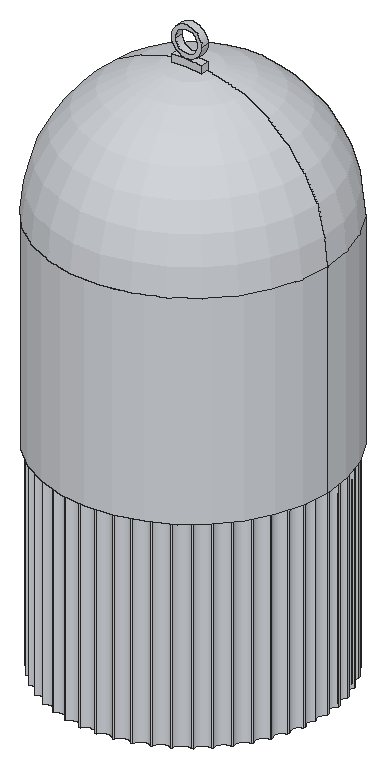
Revit family
Parameters
  Materiale = none
  Manufacturer = "Revit"
Reference planes (cm)
  plane 1 "Center (Front/Back)": y = 0
  plane 2: z = 0
  plane 3 "Center (Left/Right)": x = 0
Forms (cm)
  Revolve 1, solid, material <- "Materiale"
    sketch origin (0, 0, 0) x (1, 0, 0) y (0, 0, 1)
      loop
        line (-18, 54) -> (-18, 27) -> (0, 27) -> (0, 72)
        arc (0, 72) -> (-12.7279, 66.7279) -> (-18, 54) r 18
      axis (0, 27) -> (0, 72)
    angle from 0 to 360
  Revolve 2, solid, material <- "Materiale"
    sketch origin (0, 0, 0) x (1, 0, 0) y (0, 0, 1)
      loop
        line (-18, 27) -> (-18, 0) -> (0, 0) -> (0, 27) -> (-18, 27)
      axis (0, 0) -> (0, 27)
    angle from 0 to 360
  Extrusion 3, void
    sketch origin (0, 0, 0) x (1, 0, 0) y (0, 1, 0)
      loop
        arc (-0.9657, 17.4733) -> (-1.0691, 17.4673) -> (-1.1725, 17.4607) r 17.5
        arc (-1.1725, 17.4607) -> (-2.0608, 16.7746) -> (-3.0888, 17.2253) r 1.1
        arc (-3.0888, 17.2253) -> (-3.191, 17.2066) -> (-3.2932, 17.1873) r 17.5
        arc (-3.2932, 17.1873) -> (-4.091, 16.3989) -> (-5.1657, 16.7202) r 1.1
        arc (-5.1657, 16.7202) -> (-5.2652, 16.6891) -> (-5.3647, 16.6574) r 17.5
        arc (-5.3647, 16.6574) -> (-6.0603, 15.7784) -> (-7.1654, 15.9658) r 1.1
        arc (-7.1654, 15.9658) -> (-7.2606, 15.9227) -> (-7.3556, 15.8791) r 17.5
        arc (-7.3556, 15.8791) -> (-7.9388, 14.9216) -> (-9.0588, 14.9729) r 1.1
        arc (-9.0588, 14.9729) -> (-9.1481, 14.9185) -> (-9.2371, 14.8636) r 17.5
        arc (-9.2371, 14.8636) -> (-9.6994, 13.8429) -> (-10.8165, 13.7569) r 1.1
        arc (-10.8165, 13.7569) -> (-10.8988, 13.6918) -> (-10.9808, 13.6262) r 17.5
        arc (-10.9808, 13.6262) -> (-11.3153, 12.5576) -> (-12.4129, 12.3358) r 1.1
        arc (-12.4129, 12.3358) -> (-12.4869, 12.2608) -> (-12.5605, 12.1854) r 17.5
        arc (-12.5605, 12.1854) -> (-12.7626, 11.0848) -> (-13.824, 10.7306) r 1.1
        arc (-13.824, 10.7306) -> (-13.8886, 10.6469) -> (-13.9527, 10.5628) r 17.5
        arc (-13.9527, 10.5628) -> (-14.0195, 9.4465) -> (-15.0289, 8.9655) r 1.1
        arc (-15.0289, 8.9655) -> (-15.0831, 8.8742) -> (-15.1366, 8.7826) r 17.5
        arc (-15.1366, 8.7826) -> (-15.0673, 7.6672) -> (-16.0097, 7.0668) r 1.1
        arc (-16.0097, 7.0668) -> (-16.0524, 6.9692) -> (-16.0946, 6.8713) r 17.5
        arc (-16.0946, 6.8713) -> (-15.8904, 5.7734) -> (-16.7517, 5.0626) r 1.1
        arc (-16.7517, 5.0626) -> (-16.7823, 4.9602) -> (-16.8123, 4.8575) r 17.5
        arc (-16.8123, 4.8575) -> (-16.4764, 3.7933) -> (-17.2439, 2.9831) r 1.1
        arc (-17.2439, 2.9831) -> (-17.2618, 2.8773) -> (-17.2792, 2.7713) r 17.5
        arc (-17.2792, 2.7713) -> (-16.8127, 1.9354) -> (-17.1779, 1.0505) r 1.1
        arc (-17.1779, 1.0505) -> (-16.9241, 0.1285) -> (-17.4882, -0.6438) r 1.1
        arc (-17.4882, -0.6438) -> (-17.4839, -0.7515) -> (-17.4789, -0.8591) r 17.5
        arc (-17.4789, -0.8591) -> (-16.8168, -1.7565) -> (-17.2792, -2.7713) r 1.1
        arc (-17.2792, -2.7713) -> (-17.2618, -2.8773) -> (-17.2439, -2.9831) r 17.5
        arc (-17.2439, -2.9831) -> (-16.4764, -3.7933) -> (-16.8123, -4.8575) r 1.1
        arc (-16.8123, -4.8575) -> (-16.7823, -4.9602) -> (-16.7517, -5.0626) r 17.5
        arc (-16.7517, -5.0626) -> (-15.8904, -5.7734) -> (-16.0946, -6.8713) r 1.1
        arc (-16.0946, -6.8713) -> (-16.0524, -6.9692) -> (-16.0097, -7.0668) r 17.5
        arc (-16.0097, -7.0668) -> (-15.0673, -7.6672) -> (-15.1366, -8.7826) r 1.1
        arc (-15.1366, -8.7826) -> (-15.0831, -8.8742) -> (-15.0289, -8.9655) r 17.5
        arc (-15.0289, -8.9655) -> (-14.0195, -9.4465) -> (-13.9527, -10.5628) r 1.1
        arc (-13.9527, -10.5628) -> (-13.8886, -10.6469) -> (-13.824, -10.7306) r 17.5
        arc (-13.824, -10.7306) -> (-12.7626, -11.0848) -> (-12.5605, -12.1854) r 1.1
        arc (-12.5605, -12.1854) -> (-12.4869, -12.2608) -> (-12.4129, -12.3358) r 17.5
        arc (-12.4129, -12.3358) -> (-11.3153, -12.5576) -> (-10.9808, -13.6262) r 1.1
        arc (-10.9808, -13.6262) -> (-10.8988, -13.6918) -> (-10.8165, -13.7569) r 17.5
        arc (-10.8165, -13.7569) -> (-9.6994, -13.8429) -> (-9.2371, -14.8636) r 1.1
        arc (-9.2371, -14.8636) -> (-9.1481, -14.9185) -> (-9.0588, -14.9729) r 17.5
        arc (-9.0588, -14.9729) -> (-7.9388, -14.9216) -> (-7.3556, -15.8791) r 1.1
        arc (-7.3556, -15.8791) -> (-7.2606, -15.9227) -> (-7.1654, -15.9658) r 17.5
        arc (-7.1654, -15.9658) -> (-6.0603, -15.7784) -> (-5.3647, -16.6574) r 1.1
        arc (-5.3647, -16.6574) -> (-5.2652, -16.6891) -> (-5.1657, -16.7202) r 17.5
        arc (-5.1657, -16.7202) -> (-4.091, -16.3989) -> (-3.2932, -17.1873) r 1.1
        arc (-3.2932, -17.1873) -> (-3.191, -17.2066) -> (-3.0888, -17.2253) r 17.5
        arc (-3.0888, -17.2253) -> (-2.0608, -16.7746) -> (-1.1725, -17.4607) r 1.1
        arc (-1.1725, -17.4607) -> (-1.0691, -17.4673) -> (-0.9657, -17.4733) r 17.5
        arc (-0.9657, -17.4733) -> (0, -16.9) -> (0.9657, -17.4733) r 1.1
        arc (0.9657, -17.4733) -> (1.0691, -17.4673) -> (1.1725, -17.4607) r 17.5
        arc (1.1725, -17.4607) -> (2.0608, -16.7746) -> (3.0888, -17.2253) r 1.1
        arc (3.0888, -17.2253) -> (3.191, -17.2066) -> (3.2932, -17.1873) r 17.5
        arc (3.2932, -17.1873) -> (4.091, -16.3989) -> (5.1657, -16.7202) r 1.1
        arc (5.1657, -16.7202) -> (5.2652, -16.6891) -> (5.3647, -16.6574) r 17.5
        arc (5.3647, -16.6574) -> (6.0603, -15.7784) -> (7.1654, -15.9658) r 1.1
        arc (7.1654, -15.9658) -> (7.2606, -15.9227) -> (7.3556, -15.8791) r 17.5
        arc (7.3556, -15.8791) -> (7.9388, -14.9216) -> (9.0588, -14.9729) r 1.1
        arc (9.0588, -14.9729) -> (9.1481, -14.9185) -> (9.2371, -14.8636) r 17.5
        arc (9.2371, -14.8636) -> (9.6994, -13.8429) -> (10.8165, -13.7569) r 1.1
        arc (10.8165, -13.7569) -> (10.8988, -13.6918) -> (10.9808, -13.6262) r 17.5
        arc (10.9808, -13.6262) -> (11.3153, -12.5576) -> (12.4129, -12.3358) r 1.1
        arc (12.4129, -12.3358) -> (12.4869, -12.2608) -> (12.5605, -12.1854) r 17.5
        arc (12.5605, -12.1854) -> (12.7626, -11.0848) -> (13.824, -10.7306) r 1.1
        arc (13.824, -10.7306) -> (13.8886, -10.6469) -> (13.9527, -10.5628) r 17.5
        arc (13.9527, -10.5628) -> (14.0195, -9.4465) -> (15.0289, -8.9655) r 1.1
        arc (15.0289, -8.9655) -> (15.0831, -8.8742) -> (15.1366, -8.7826) r 17.5
        arc (15.1366, -8.7826) -> (15.0673, -7.6672) -> (16.0097, -7.0668) r 1.1
        arc (16.0097, -7.0668) -> (16.0524, -6.9692) -> (16.0946, -6.8713) r 17.5
        arc (16.0946, -6.8713) -> (15.8904, -5.7734) -> (16.7517, -5.0626) r 1.1
        arc (16.7517, -5.0626) -> (16.7823, -4.9602) -> (16.8123, -4.8575) r 17.5
        arc (16.8123, -4.8575) -> (16.4764, -3.7933) -> (17.2439, -2.9831) r 1.1
        line (17.2439, -2.9831) -> (17.2792, -2.7713)
        arc (17.2792, -2.7713) -> (16.8127, -1.9354) -> (17.1779, -1.0505) r 1.1
        arc (17.1779, -1.0505) -> (16.9241, -0.1285) -> (17.4882, 0.6438) r 1.1
        arc (17.4882, 0.6438) -> (17.4839, 0.7515) -> (17.4789, 0.8591) r 17.5
        arc (17.4789, 0.8591) -> (16.8168, 1.7565) -> (17.2792, 2.7713) r 1.1
        arc (17.2792, 2.7713) -> (17.2618, 2.8773) -> (17.2439, 2.9831) r 17.5
        arc (17.2439, 2.9831) -> (16.4764, 3.7933) -> (16.8123, 4.8575) r 1.1
        arc (16.8123, 4.8575) -> (16.7823, 4.9602) -> (16.7517, 5.0626) r 17.5
        arc (16.7517, 5.0626) -> (15.8904, 5.7734) -> (16.0946, 6.8713) r 1.1
        arc (16.0946, 6.8713) -> (16.0524, 6.9692) -> (16.0097, 7.0668) r 17.5
        arc (16.0097, 7.0668) -> (15.0673, 7.6672) -> (15.1366, 8.7826) r 1.1
        arc (15.1366, 8.7826) -> (15.0831, 8.8742) -> (15.0289, 8.9655) r 17.5
        arc (15.0289, 8.9655) -> (14.0195, 9.4465) -> (13.9527, 10.5628) r 1.1
        arc (13.9527, 10.5628) -> (13.8886, 10.6469) -> (13.824, 10.7306) r 17.5
        arc (13.824, 10.7306) -> (12.7626, 11.0848) -> (12.5605, 12.1854) r 1.1
        arc (12.5605, 12.1854) -> (12.4869, 12.2608) -> (12.4129, 12.3358) r 17.5
        arc (12.4129, 12.3358) -> (11.3153, 12.5576) -> (10.9808, 13.6262) r 1.1
        arc (10.9808, 13.6262) -> (10.8988, 13.6918) -> (10.8165, 13.7569) r 17.5
        arc (10.8165, 13.7569) -> (9.6994, 13.8429) -> (9.2371, 14.8636) r 1.1
        arc (9.2371, 14.8636) -> (9.1481, 14.9185) -> (9.0588, 14.9729) r 17.5
        arc (9.0588, 14.9729) -> (7.9388, 14.9216) -> (7.3556, 15.8791) r 1.1
        arc (7.3556, 15.8791) -> (7.2606, 15.9227) -> (7.1654, 15.9658) r 17.5
        arc (7.1654, 15.9658) -> (6.0603, 15.7784) -> (5.3647, 16.6574) r 1.1
        arc (5.3647, 16.6574) -> (5.2652, 16.6891) -> (5.1657, 16.7202) r 17.5
        arc (5.1657, 16.7202) -> (4.091, 16.3989) -> (3.2932, 17.1873) r 1.1
        arc (3.2932, 17.1873) -> (3.191, 17.2066) -> (3.0888, 17.2253) r 17.5
        arc (3.0888, 17.2253) -> (2.0608, 16.7746) -> (1.1725, 17.4607) r 1.1
        arc (1.1725, 17.4607) -> (1.0691, 17.4673) -> (0.9657, 17.4733) r 17.5
        arc (0.9657, 17.4733) -> (0, 16.9) -> (-0.9657, 17.4733) r 1.1
      loop
        circle (0, 0) r 19.5
    from 0 to 27
  Extrusion 4, solid, material <- "Materiale"
    sketch origin (0, 0, 0) x (1, 0, 0) y (0, 0, 1)
      loop
        circle (0, 75.0002) r 2
      loop
        circle (0, 75.0002) r 1.5
    from 0 to 1
  Extrusion 5, solid, material <- "Materiale"
    sketch origin (0, 0, 0) x (1, 0, 0) y (0, 0, 1)
      loop
        line (-2, 72.8824) -> (-2, 71.8885)
        arc (-2, 71.8885) -> (0, 72) -> (2, 71.8885) r 18
        line (2, 71.8885) -> (2, 72.8824)
        arc (2, 72.8824) -> (0, 73.0002) -> (-2, 72.8824) r 17.0333
    from 0 to 1
Cuts and joins
  Extrusion 3 cuts Revolve 1
  Extrusion 3 cuts Revolve 2
